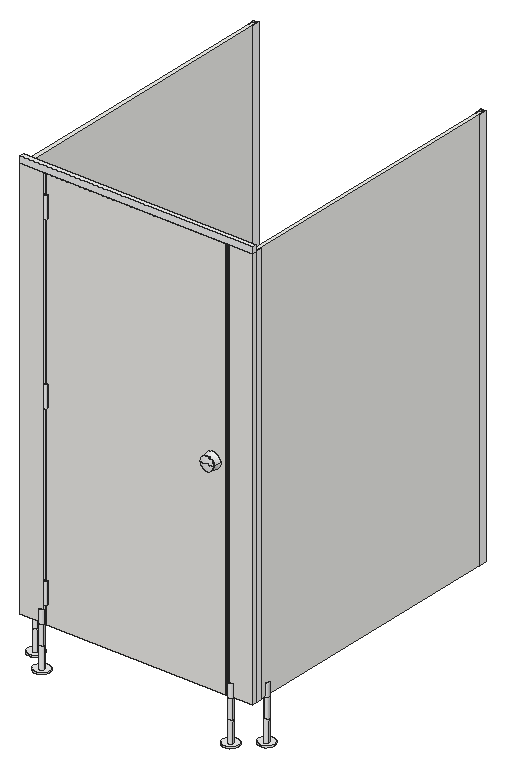
Revit family "Alsanit - Kabiny sanitarne PERSEI - LPW", category Doors, Revit 2020
Family settings
  Work Plane-Based = No
  Always vertical = Yes
  Cut with Voids When Loaded = No
  Shared = No
  Room Calculation Point = No
Parameters (values of type "18 mm")
  Średnica wspornika górnego = 57.00 mm  # constant formula
  Średnica nóżki 3 = 70.00 mm  # constant formula
  Średnica nóżki 2 = 22.00 mm  # constant formula
  Width = 0.00 mm  # constant formula
  Type Comments = "Kabiny sanitarne (ścianki giszetowe do WC)"
  Typ nóżek [instance] = and((Thickness = 18.00 mm), not([Typ - kabina bez prześwitu]))  # yes
  Typ nózek centralny [instance] = and((Thickness = 28.00 mm), not([Typ - kabina bez prześwitu]))  # no
  Thickness = Grubość ścianki  # 18.00 mm
  Szerokość drzwi (max. 1000 mm) [instance] = 800.00 mm
  Rough Width = 0.00 mm  # constant formula
  Rough Height = 0.00 mm  # constant formula
  Podcięcie na geberit - prawe [instance] = no
  Podcięcie na geberit - prawa wartość [instance] = if([Podcięcie na geberit - prawe], Szerokość wewnętrzna modułu / 2 + 50.00 mm, 5.00 mm)  # 5.00 mm
  Podcięcie na geberit - odsunięcie poziome wartość [instance] = if([Podcięcie na geberit - odsunięcie poziome] = 0.00 mm, 5.00 mm, [Podcięcie na geberit - odsunięcie poziome])  # 5.00 mm
  Podcięcie na geberit - odsunięcie poziome [instance] = 0.00 mm
  Podcięcie na geberit - odsunięcie pionowe wartość [instance] = if([Podcięcie na geberit - odsunięcie pionowe] = 0.00 mm, 5.00 mm, [Podcięcie na geberit - odsunięcie pionowe])  # 5.00 mm
  Podcięcie na geberit - odsunięcie pionowe [instance] = 0.00 mm
  Podcięcie na geberit - lewe [instance] = no
  Podcięcie na geberit - lewa wartość [instance] = if([Podcięcie na geberit - lewe], Szerokość wewnętrzna modułu / 2 + 50.00 mm, 5.00 mm)  # 5.00 mm
  Nóżka prawa centralna [instance] = and(Typ nózek centralny, Prawa strona zamknięta)  # no
  Nóżka lewa centralna [instance] = and(Typ nózek centralny, Lewa strona zamknięta)  # no
  Nóżka lewa [instance] = and(Typ nóżek, Lewa strona zamknięta)  # yes
  Średnica nóżki 1 = 20.00 mm  # constant formula
  Nózka prawa [instance] = and(Typ nóżek, Prawa strona zamknięta)  # yes
  Krótki opis = "Kabiny sanitarne ALSANIT posiadające oznaczenie CE zgodnie z parametrami systemu"
  Typ - kabina podwyższana [instance] = no
  Typ - kabina bez prześwitu [instance] = no
  Height = 0.00 mm  # constant formula
  Function = Interior
  Film Instruktażowy = "https://youtu.be/qyrI1CfgFO4"
  Define Thermal Properties by = Schematic Type
  Construction Type = "Kabiny sanitarne"
  Analytic Construction = "<None>"
  Akcesoria - wzmocnienie pionowe prawe [instance] = [Odsunięcie prawej ścianki od osi (min. 60 mm)] > 399.00 mm  # no
  Akcesoria - wzmocnienie pionowe lewe [instance] = (Szerokość wewnętrzna modułu - [Szerokość drzwi (max. 1000 mm)] - [Odsunięcie prawej ścianki od osi (min. 60 mm)]) > 400.00 mm  # no
  Wysokość ścianki łączącej [instance] = if([2030], 2000.00 mm, if(Prawa strona połączona, 2000.00 mm, [Wysokość modułu (2050 - 2600 mm)] - 10.00 mm))  # 2000.00 mm
  Szerokość zewnętrzna modułu [instance] = 1042.00 mm
  Szerokość wewnętrzna modułu [instance] = 1000.00 mm
  Szerokość obliczona [instance] = if(and(Lewa strona przy ścianie, Prawa strona przy ścianie), Szerokość wewnętrzna modułu - 2 * (Grubość ścianki + 7.00 mm), if(or(Lewa strona przy ścianie, Prawa strona przy ścianie), Szerokość wewnętrzna modułu - Grubość ścianki - 7.00 mm, Szerokość wewnętrzna modułu))  # 1000.00 mm
  Odsunięcie ścianki lewej [instance] = if([2600], 10.00 mm, 30.00 mm)  # 30.00 mm
  Odsunięcie górne ścianek frontowych [instance] = if(Belka usztywniająca wzmocniona, 20.00 mm, if([2600], 10.00 mm, 30.00 mm))  # 30.00 mm
  Wysokość szczeliny drzwi [instance] = if([0], 30.00 mm, 188.00 mm)  # 188.00 mm
  Odsunięcie profili w ściance łączącej [instance] = if([2030], 0.00 mm, if(Prawa strona połączona, 0.00 mm, 20.00 mm))  # 0.00 mm
  Wysokość modułu (2050 - 2600 mm) [instance] = 2500.00 mm
  Wysokość modułu [instance] = if([2030], 2030.00 mm, if([Wysokość modułu (2050 - 2600 mm)] < 2050.00 mm, 2050.00 mm, if([Wysokość modułu (2050 - 2600 mm)] > 2600.00 mm, 2600.00 mm, [Wysokość modułu (2050 - 2600 mm)])))  # 2030.00 mm
  Wysokość dolnej szczeliny [instance] = if([0], 1.50 mm, 188.00 mm)  # 188.00 mm
  Wysokość belek frontowych bocznych [instance] = if([0], 0.00 mm, 188.00 mm)  # 188.00 mm
  URL = "https://www.alsanit.pl/"
  Typ 2600 prawa strona zamknięta [instance] = and([2600], Prawa strona zamknięta)  # no
  Typ 2600 lewa strona zamknięta [instance] = and([2600], Lewa strona zamknięta)  # no
  Typ 188 prawa strona nie przy ścianie [instance] = and([188], not(Prawa strona przy ścianie))  # yes
  Typ 188 lewa strona zamknięta [instance] = and([188], Lewa strona zamknięta)  # yes
  Typ 00 prawa strona nie przy ścianie [instance] = and([0], not(Prawa strona przy ścianie))  # no
  Typ 00 lewa strona zamknięta [instance] = and([0], Lewa strona zamknięta)  # no
  2600 [instance] = [Typ - kabina podwyższana]  # no
  2030 [instance] = not([Typ - kabina podwyższana])  # yes
  188 [instance] = not([Typ - kabina bez prześwitu])  # yes
  0 [instance] = [Typ - kabina bez prześwitu]  # no
  Rodzaj płyt = "LPW - Laminowana płyta wiórowa"
  Prawe odsunięcie belki dolnej [instance] = if(Prawa strona przy ścianie, 30.00 mm, 0.00 mm)  # 0.00 mm
  Prawa strona niepołączona [instance] = not(Prawa strona połączona)  # yes
  Prawe odsunięcie belki wzmocnionej [instance] = if([2030], 0.00 mm, if(Prawa strona zamknięta, Prawe odsunięcie osi + Grubość ścianki / 2 + 1.50 mm, 0.00 mm))  # 0.00 mm
  Odsunięcie górne belek frontowych [instance] = if(Belka usztywniająca wzmocniona, 30.00 mm, if([2600], 30.00 mm, 0.00 mm))  # 0.00 mm
  Odsunięcie belek od dołu [instance] = if([0], 28.50 mm, 0.00 mm)  # 0.00 mm
  Lewe odsunięcie belki wzmocnionej [instance] = if([2030], 0.00 mm, if(Lewa strona zamknięta, Prawe odsunięcie osi + Grubość ścianki / 2 + 1.50 mm, 0.00 mm))  # 0.00 mm
  Model = "PERSEI"
  Manufacturer = "Alsanit"
  Lewe odsunięcie belki dolnej [instance] = if(Lewa strona przy ścianie, 30.00 mm, 0.00 mm)  # 0.00 mm
  Lewa strona niepołączona [instance] = not(Lewa strona połączona)  # yes
  Głębokość modułu (max. 1600 mm) [instance] = 1290.00 mm
  Głębokość modułu [instance] = if([Głębokość modułu (max. 1600 mm)] > 1500.00 mm, 1600.00 mm, [Głębokość modułu (max. 1600 mm)])  # 1290.00 mm
  Description = "Kabiny sanitarne to idealna kombinacja trwałości i estetyki w najnowszej cenie. Ze względu na estetyczność zastosowań jest najchętniej kupowanym systemem kabin sanitarnych w Polsce."
  Belka usztywniająca wzmocniona [instance] = and([2030], Szerokość wewnętrzna modułu > 1300.00 mm)  # no
  Belka usztywniająca [instance] = and(not(Belka usztywniająca wzmocniona), not([Typ - kabina podwyższana]))  # yes
  Autor = "www.archispace.pl"
  Orientacja - na zewnątrz [instance] = not([Orientacja - do wewnątrz])  # yes
  Orientacja - do wewnątrz [instance] = no
  Wysokość drzwi [instance] = if(Belka usztywniająca wzmocniona, 1990.00 mm, if([2600], 2015.00 mm, 2000.00 mm))  # 2000.00 mm
  Ścianka łącząca [instance] = not(Prawa strona przy ścianie)  # yes
  Szerokość drzwi [instance] = if([Szerokość drzwi (max. 1000 mm)] > 1000.00 mm, 1000.00 mm, [Szerokość drzwi (max. 1000 mm)])  # 800.00 mm
  Prawe odsunięcie osi [instance] = if(Prawa strona zamknięta, Grubość ścianki / 2 + 3.00 mm, if(Prawa strona przy ścianie, Grubość ścianki / 2 + 7.00 mm, 0.00 mm))  # 12.00 mm
  Prawa strona zamknięta typ = Rodzaj połączenia : Zamknięta
  Prawa strona zamknięta [instance] = [Połączenie - prawa strona] = Prawa strona zamknięta typ  # yes
  Prawa strona przy ścianie typ = Rodzaj połączenia : Przy ścianie
  Prawa strona przy ścianie [instance] = [Połączenie - prawa strona] = Prawa strona przy ścianie typ  # no
  Prawa strona połączona typ = Rodzaj połączenia : Połączona
  Prawa strona połączona [instance] = [Połączenie - prawa strona] = Prawa strona połączona typ  # no
  Prawe odsunięcie osi panelu [instance] = if(Prawa strona przy ścianie, 10.00 mm, 0.00 mm)  # 0.00 mm
  Odsunięcie prawej ścianki od osi (min. 60 mm) [instance] = 102.00 mm
  Połączenie - prawa strona [instance] = Rodzaj połączenia : Zamknięta
  Orientacja - odbij lustrzanie [instance] = no
  Materiał płyt = Alsanit - LPW - Biały 9016
  Materiał okuć = Alsanit - Aluminium
  Materiał wsporników = Alsanit - Aluminium
  Materiał belek = Alsanit - Aluminium
  Lewe odsunięcie osi panelu [instance] = if(Lewa strona przy ścianie, 10.00 mm, 0.00 mm)  # 0.00 mm
  Lewe odsunięcie osi [instance] = if(Lewa strona zamknięta, Grubość ścianki / 2 + 3.00 mm, if(Lewa strona przy ścianie, Grubość ścianki / 2 + 7.00 mm, 0.00 mm))  # 12.00 mm
  Lewa strona zamknięta typ = Rodzaj połączenia : Zamknięta
  Lewa strona zamknięta [instance] = [Połączenie - lewa strona] = Lewa strona zamknięta typ  # yes
  Lewa strona przy ścianie typ = Rodzaj połączenia : Przy ścianie
  Lewa strona przy ścianie [instance] = [Połączenie - lewa strona] = Lewa strona przy ścianie typ  # no
  Lewa strona połączona typ = Rodzaj połączenia : Połączona
  Lewa strona połączona [instance] = [Połączenie - lewa strona] = Lewa strona połączona typ  # no
  Odsunięcie lewej ścianki od osi (min. 60 mm) [instance] = 102.00 mm
  Połączenie - lewa strona [instance] = Rodzaj połączenia : Zamknięta
  Grubość ścianki = 18.00 mm
  Default Elevation = 0.00 mm
  Orientacja - bez odbicia [instance] = not([Orientacja - odbij lustrzanie])  # yes
Reference planes
  plane 1 "Center (Front/Back)": y = 0
  plane 2: z = 0
  plane 3 "Center (Left/Right)": x = 0
  plane 4: x = -500
  plane 5: x = 500
  plane 6: x = 509
  plane 7: x = 518
  plane 8: x = -509
  plane 9: x = -518
  plane 10: y = -1290
  plane 11: y = -1308
  plane 12: y = -10
  plane 13: y = -1284
  plane 14: y = -1299
  plane 15 "Lewa oś wstawienia": x = -521
  plane 16 "Prawa oś wstawienia": x = 521
  plane 17: y = -1224.5
  plane 18: x = 407
  plane 19: x = 400
  plane 20: x = -400
  plane 21: x = -407
  plane 22 "Prawe odsunięcie osi panelu": x = 521
  plane 23 "Lewe odsunięcie osi panelu": x = -521
  plane 24: x = 0
  plane 25: x = -423.5
  plane 26: x = 423.5
  plane 27: z = 188
  plane 28 "Wysokość modułu": z = 2030
  plane 29 "Odsunięcie górne ścianek frontowych": z = 2000
  plane 30: y = -1288.5
  plane 31: x = -521
  plane 32: x = 521
  plane 33: z = 100
  plane 34: z = 243.5
  plane 35: z = 2000
  plane 36: z = 188
  plane 37: x = -521
  plane 38: x = 521
  plane 39: z = 188
  plane 40: z = 2000
  plane 41: z = 2030
  plane 42: z = 2000
  plane 43: z = 2000
  plane 44: z = 2000
  plane 45: z = 2030
  plane 46: z = 2000
  plane 47: z = 2030
  plane 48: x = 597
  plane 49: x = -597
  plane 50: z = 2005
  plane 51: z = 2000
  plane 52: z = 2000
  plane 53: z = 2000
  plane 54: z = 2000
  plane 55: z = 2000
  plane 56: x = -606
  plane 57: x = -588
  plane 58: x = 588
  plane 59: x = 606
  plane 60: x = -5
  plane 61: x = 5
  plane 62: z = 5
  plane 63: y = -5
  plane 64: z = 5
  plane 65: y = -5
  plane 66: y = -1140
  plane 67: z = 5
  plane 68: z = 2015
Forms (mm)
  Sweep 1, solid, material "Alsanit - LPW - Biały 9016" <- "Materiał płyt", visible <- "Ścianka łącząca"
    path origin (0, 0, 0) x (1, 0, 0) y (0, 0, 1)
      loop
        line (509, 188) -> (509, 2000)
    profile origin (509, 0, 1094) x (-1, 0, 0) y (0, -1, 0)
      loop
        line (9, 10) -> (9, 1284) -> (-9, 1284) -> (-9, 10) -> (9, 10)
  Sweep 2, solid, material "Alsanit - LPW - Biały 9016" <- "Materiał płyt", visible <- "Lewa strona zamknięta"
    path origin (0, 0, 0) x (-1, 0, 0) y (0, 0, 1)
      loop
        line (509, 188) -> (509, 2000)
    profile origin (-509, 0, 1094) x (-1, 0, 0) y (0, -1, 0)
      loop
        line (-9, 10) -> (9, 10) -> (9, 1284) -> (-9, 1284) -> (-9, 10)
  Sweep 3, solid, material "Alsanit - Aluminium" <- "Materiał belek", visible <- "Ścianka łącząca", detail levels medium+fine
    path origin (0, 0, 0) x (1, 0, 0) y (0, 0, 1)
      loop
        line (509, 2000) -> (509, 188)
    profile "U-profile : U-profile" origin (509, 0, 1094) x (1, 0, 0) y (0, -1, 0)
      loop
        line (10.5, 0) -> (10.5, 30) -> (9, 30) -> (9, 1.5) -> (-9, 1.5) -> (-9, 30) -> (-10.5, 30) -> (-10.5, 0) -> (10.5, 0)
  Sweep 4, solid, material "Alsanit - Aluminium" <- "Materiał belek", visible <- "Lewa strona zamknięta", detail levels medium+fine
    path origin (0, 0, 0) x (-1, 0, 0) y (0, 0, 1)
      loop
        line (509, 2000) -> (509, 188)
    profile "U-profile : U-profile" origin (-509, 0, 1094) x (1, 0, 0) y (0, -1, 0)
      loop
        line (10.5, 0) -> (10.5, 30) -> (9, 30) -> (9, 1.5) -> (-9, 1.5) -> (-9, 30) -> (-10.5, 30) -> (-10.5, 0) -> (10.5, 0)
  Sweep 5, solid, material "Alsanit - Aluminium" <- "Materiał belek", visible <- "Lewa strona zamknięta", detail levels medium+fine
    path origin (673.537, -1290, 1200) x (1, 0, 0) y (0, 0, 1)
      loop
        line (-1182.537, 800) -> (-1182.537, -1012)
    profile "U-profile : U-profile" origin (-509, -1290, 1094) x (1, 0, 0) y (0, -1, 0)
      loop
        line (-10.5, 0) -> (-10.5, -30) -> (-9, -30) -> (-9, -1.5) -> (9, -1.5) -> (9, -30) -> (10.5, -30) -> (10.5, 0) -> (-10.5, 0)
  Sweep 6, solid, material "Alsanit - Aluminium" <- "Materiał belek", visible <- "Ścianka łącząca", detail levels medium+fine
    path origin (673.537, -1290, 1200) x (1, 0, 0) y (0, 0, 1)
      loop
        line (-164.537, 800) -> (-164.537, -1012)
    profile "U-profile : U-profile" origin (509, -1290, 1094) x (1, 0, 0) y (0, -1, 0)
      loop
        line (-10.5, 0) -> (-10.5, -30) -> (-9, -30) -> (-9, -1.5) -> (9, -1.5) -> (9, -30) -> (10.5, -30) -> (10.5, 0) -> (-10.5, 0)
  Extrusion 7, solid, material "Alsanit - LPW - Biały 9016" <- "Materiał płyt", detail levels medium+fine
    sketch origin (0, 0, 0) x (1, 0, 0) y (0, 1, 0)
      loop
        line (-521, -1290) -> (-521, -1308) -> (-407, -1308) -> (-407, -1290) -> (-521, -1290)
    from 188 to 2000
  Extrusion 8, solid, material "Alsanit - LPW - Biały 9016" <- "Materiał płyt", detail levels medium+fine
    sketch origin (0, 0, 0) x (-1, 0, 0) y (0, -1, 0)
      loop
        line (-521, 1290) -> (-407, 1290) -> (-407, 1308) -> (-521, 1308) -> (-521, 1290)
    from 188 to 2000
  Sweep 9, solid, material "Alsanit - Aluminium" <- "Materiał belek", visible <- "Lewa strona przy ścianie", detail levels medium+fine
    path origin (-771.956, -1299, 1200) x (-1, 0, 0) y (0, 0, 1)
      loop
        line (-250.956, -1012) -> (-250.956, 830)
    profile "U-profile : U-profile" origin (-521, -1299, 1109) x (1, 0, 0) y (0, 1, 0)
      loop
        line (0, -10.5) -> (30, -10.5) -> (30, -9) -> (1.5, -9) -> (1.5, 9) -> (30, 9) -> (30, 10.5) -> (0, 10.5) -> (0, -10.5)
  Sweep 10, solid, material "Alsanit - Aluminium" <- "Materiał belek", visible <- "Prawa strona przy ścianie", detail levels medium+fine
    path origin (771.956, -1299, 1200) x (1, 0, 0) y (0, 0, -1)
      loop
        line (-250.956, 1012) -> (-250.956, -830)
    profile "U-profile : U-profile" origin (521, -1299, 1109) x (1, 0, 0) y (0, 1, 0)
      loop
        line (0, 10.5) -> (-30, 10.5) -> (-30, 9) -> (-1.5, 9) -> (-1.5, -9) -> (-30, -9) -> (-30, -10.5) -> (0, -10.5) -> (0, 10.5)
  Sweep 11, solid, material "Alsanit - Aluminium" <- "Materiał belek", visible <- "Belka usztywniająca", detail levels medium+fine
    path origin (673.537, -1290, 1200) x (1, 0, 0) y (0, 0, 1)
      loop
        line (-1194.537, 830) -> (-152.537, 830)
    profile origin (0, -1290, 2030) x (0, 0, 1) y (0, -1, 0)
      loop
        line (0, 18) -> (-30, 18) -> (-30, 0) -> (0, 0) -> (0, 18)
  Extrusion 12, solid, material "Alsanit - LPW - Biały 9016" <- "Materiał płyt", detail levels coarse
    sketch origin (0, 0, 0) x (1, 0, 0) y (0, 1, 0)
      loop
        line (-521, -1290) -> (-521, -1308) -> (521, -1308) -> (521, -1290) -> (-521, -1290)
    from 188 to 2030
  Sweep 13, solid, material "Alsanit - Aluminium" <- "Materiał belek", visible <- "Typ 2600 lewa strona zamknięta", detail levels medium+fine
    path origin (-998.294, -1524, 2030) x (-1, 0, 0) y (0, -1, 0)
      loop
        line (-489.294, -1524) -> (-489.294, -235.5)
    profile "U-profile : U-profile" origin (-509, -644.25, 2030) x (1, 0, 0) y (0, 0, 1)
      loop
        line (-10.5, 0) -> (-10.5, -30) -> (-9, -30) -> (-9, -1.5) -> (9, -1.5) -> (9, -30) -> (10.5, -30) -> (10.5, 0) -> (-10.5, 0)
  Sweep 14, solid, material "Alsanit - Aluminium" <- "Materiał belek", visible <- "Typ 2600 prawa strona zamknięta", detail levels medium+fine
    path origin (-998.294, -1524, 2030) x (-1, 0, 0) y (0, -1, 0)
      loop
        line (-1507.294, -1524) -> (-1507.294, -235.5)
    profile "U-profile : U-profile" origin (509, -644.25, 2030) x (1, 0, 0) y (0, 0, 1)
      loop
        line (-10.5, 0) -> (-10.5, -30) -> (-9, -30) -> (-9, -1.5) -> (9, -1.5) -> (9, -30) -> (10.5, -30) -> (10.5, 0) -> (-10.5, 0)
  Sweep 15, solid, material "Alsanit - Aluminium" <- "Materiał belek", not visible, detail levels medium+fine
    path origin (-771.956, -1299, 4200) x (-1, 0, 0) y (0, 0, 1)
      loop
        line (-250.956, -2170) -> (-1292.956, -2170)
    profile "U-profile : U-profile" origin (0, -1299, 2030) x (0, 0, -1) y (0, 1, 0)
      loop
        line (0, -10.5) -> (30, -10.5) -> (30, -9) -> (1.5, -9) -> (1.5, 9) -> (30, 9) -> (30, 10.5) -> (0, 10.5) -> (0, -10.5)
  Sweep 16, solid, material "Alsanit - Aluminium" <- "Materiał belek", visible <- "2600", detail levels medium+fine
    path origin (-771.956, -1299, 1200) x (-1, 0, 0) y (0, 0, 1)
      loop
        line (-250.956, 830) -> (-1292.956, 830)
    profile "U-profile : U-profile" origin (0, -1299, 2030) x (0, 0, -1) y (0, 1, 0)
      loop
        line (0, -10.5) -> (30, -10.5) -> (30, -9) -> (1.5, -9) -> (1.5, 9) -> (30, 9) -> (30, 10.5) -> (0, 10.5) -> (0, -10.5)
  Sweep 17, solid, material "Alsanit - Aluminium" <- "Materiał wsporników", visible <- "Nózka prawa"
    path origin (516, -1224.5, 1200) x (1, 0, 0) y (0, 0, 1)
      loop
        line (-516, -1200) -> (-516, -1100)
    profile origin (0, -1224.5, 50) x (-1, 0, 0) y (0, -1, 0)
      loop
        circle (-518, 0) r 11
  Sweep 18, solid, material "Alsanit - Aluminium" <- "Materiał wsporników", visible <- "Nóżka lewa"
    path origin (362, -1224.5, 1200) x (1, 0, 0) y (0, 0, 1)
      loop
        line (-367, -1200) -> (-367, -1100)
    profile origin (-5, -1224.5, 50) x (-1, 0, 0) y (0, -1, 0)
      loop
        circle (513, 0) r 11
  Sweep 19, solid, material "Alsanit - Aluminium" <- "Materiał wsporników", visible <- "Nózka prawa"
    path origin (516, -1224.5, 1200) x (1, 0, 0) y (0, 0, 1)
      loop
        line (-516, -956.5) -> (-516, -1012)
    profile origin (0, -1224.5, 215.75) x (0, -1, 0) y (1, 0, 0)
      loop
        line (-10, 518) -> (10, 518)
        arc (10, 518) -> (0, 528) -> (-10, 518) r 10
  Sweep 20, solid, material "Alsanit - Aluminium" <- "Materiał wsporników", visible <- "Nóżka lewa"
    path origin (362, -1224.5, 1200) x (1, 0, 0) y (0, 0, 1)
      loop
        line (-367, -1012) -> (-367, -956.5)
    profile origin (-5, -1224.5, 215.75) x (-1, 0, 0) y (0, -1, 0)
      loop
        line (513, 10) -> (513, -10)
        arc (513, -10) -> (523, 0) -> (513, 10) r 10
  Sweep 21, solid, material "Alsanit - Aluminium" <- "Materiał wsporników", visible <- "Nózka prawa"
    path origin (516, -1224.5, 1200) x (1, 0, 0) y (0, 0, 1)
      loop
        line (-516, -1012) -> (-516, -1100)
    profile origin (0, -1224.5, 144) x (0, -1, 0) y (1, 0, 0)
      loop
        circle (0, 518) r 10
  Sweep 22, solid, material "Alsanit - Aluminium" <- "Materiał wsporników", visible <- "Nóżka lewa"
    path origin (362, -1224.5, 1200) x (1, 0, 0) y (0, 0, 1)
      loop
        line (-367, -1100) -> (-367, -1012)
    profile origin (-5, -1224.5, 144) x (-1, 0, 0) y (0, -1, 0)
      loop
        circle (513, 0) r 10
  Sweep 23, solid, material "Alsanit - Aluminium" <- "Materiał wsporników", visible <- "Typ nóżek"
    path origin (-817.898, -1308, 1200) x (-1, 0, 0) y (0, 0, 1)
      loop
        line (-394.398, -1200) -> (-394.398, -1100)
    profile origin (-423.5, -1308, 50) x (1, 0, 0) y (0, 1, 0)
      loop
        circle (0, 0) r 11
  Sweep 24, solid, material "Alsanit - Aluminium" <- "Materiał wsporników", visible <- "Typ nóżek"
    path origin (-817.898, -1308, 1200) x (-1, 0, 0) y (0, 0, 1)
      loop
        line (-394.398, -1012) -> (-394.398, -956.5)
    profile origin (-423.5, -1308, 215.75) x (1, 0, 0) y (0, 1, 0)
      loop
        line (10, 0) -> (-10, 0)
        arc (-10, 0) -> (0, -10) -> (10, 0) r 10
  Sweep 25, solid, material "Alsanit - Aluminium" <- "Materiał wsporników", visible <- "Typ nóżek"
    path origin (-817.898, -1308, 1200) x (-1, 0, 0) y (0, 0, 1)
      loop
        line (-394.398, -1100) -> (-394.398, -1012)
    profile origin (-423.5, -1308, 144) x (1, 0, 0) y (0, 1, 0)
      loop
        circle (0, 0) r 10
  Sweep 26, solid, material "Alsanit - Aluminium" <- "Materiał wsporników", visible <- "Typ nóżek"
    path origin (-817.898, -1308, 1200) x (-1, 0, 0) y (0, 0, 1)
      loop
        line (-1241.398, -1200) -> (-1241.398, -1100)
    profile origin (423.5, -1308, 50) x (1, 0, 0) y (0, 1, 0)
      loop
        circle (0, 0) r 11
  Sweep 27, solid, material "Alsanit - Aluminium" <- "Materiał wsporników", visible <- "Typ nóżek"
    path origin (-817.898, -1308, 1200) x (-1, 0, 0) y (0, 0, 1)
      loop
        line (-1241.398, -1012) -> (-1241.398, -956.5)
    profile origin (423.5, -1308, 215.75) x (1, 0, 0) y (0, 1, 0)
      loop
        arc (-10, 0) -> (0, -10) -> (10, 0) r 10
        line (10, 0) -> (-10, 0)
  Sweep 28, solid, material "Alsanit - Aluminium" <- "Materiał wsporników", visible <- "Typ nóżek"
    path origin (-817.898, -1308, 1200) x (-1, 0, 0) y (0, 0, 1)
      loop
        line (-1241.398, -1100) -> (-1241.398, -1012)
    profile origin (423.5, -1308, 144) x (1, 0, 0) y (0, 1, 0)
      loop
        circle (0, 0) r 10
  Sweep 29, solid, material "Alsanit - Aluminium" <- "Materiał belek", visible <- "Typ 00 lewa strona zamknięta"
    path origin (0, 0, 0) x (1, 0, 0) y (0, 1, 0)
      loop
        line (-509, 0) -> (-509, -1290)
    profile "U-profile : U-profile" origin (-509, -645, 0) x (1, 0, 0) y (0, 0, 1)
      loop
        line (10.5, 0) -> (10.5, 30) -> (9, 30) -> (9, 1.5) -> (-9, 1.5) -> (-9, 30) -> (-10.5, 30) -> (-10.5, 0) -> (10.5, 0)
  Sweep 30, solid, material "Alsanit - Aluminium" <- "Materiał belek", visible <- "Typ 00 prawa strona nie przy ścianie"
    path origin (0, 0, 0) x (-1, 0, 0) y (0, -1, 0)
      loop
        line (-509, 0) -> (-509, 1290)
    profile "U-profile : U-profile" origin (509, -645, 0) x (1, 0, 0) y (0, 0, 1)
      loop
        line (-10.5, 0) -> (10.5, 0) -> (10.5, 30) -> (9, 30) -> (9, 1.5) -> (-9, 1.5) -> (-9, 30) -> (-10.5, 30) -> (-10.5, 0)
  Sweep 31, solid, material "Alsanit - Aluminium" <- "Materiał belek", visible <- "0"
    path origin (0, 0, 0) x (1, 0, 0) y (0, 1, 0)
      loop
        line (-521, -1299) -> (-407, -1299)
    profile "U-profile : U-profile" origin (-464, -1299, 0) x (0, 1, 0) y (0, 0, 1)
      loop
        line (10.5, 0) -> (10.5, 30) -> (9, 30) -> (9, 1.5) -> (-9, 1.5) -> (-9, 30) -> (-10.5, 30) -> (-10.5, 0) -> (10.5, 0)
  Sweep 32, solid, material "Alsanit - Aluminium" <- "Materiał belek", visible <- "0"
    path origin (0, 0, 0) x (-1, 0, 0) y (0, -1, 0)
      loop
        line (-521, 1299) -> (-407, 1299)
    profile "U-profile : U-profile" origin (464, -1299, 0) x (0, -1, 0) y (0, 0, 1)
      loop
        line (-10.5, 0) -> (10.5, 0) -> (10.5, 30) -> (9, 30) -> (9, 1.5) -> (-9, 1.5) -> (-9, 30) -> (-10.5, 30) -> (-10.5, 0)
  Sweep 33, solid, material "Alsanit - LPW - Biały 9016" <- "Materiał płyt", visible <- "Akcesoria - wzmocnienie pionowe prawe", detail levels medium+fine
    path origin (-771.956, -1299, 1200) x (-1, 0, 0) y (0, 0, 1)
      loop
        line (-1368.956, -1012) -> (-1368.956, 800)
    profile origin (597, -1299, 1094) x (1, 0, 0) y (0, 1, 0)
      loop
        line (-9, 15) -> (9, 15) -> (9, 110) -> (-9, 110) -> (-9, 15)
  Sweep 34, solid, material "Alsanit - Aluminium" <- "Materiał belek", visible <- "Akcesoria - wzmocnienie pionowe prawe", detail levels medium+fine
    path origin (673.537, -1290, 1200) x (1, 0, 0) y (0, 0, 1)
      loop
        line (-76.537, -1012) -> (-76.537, 800)
    profile "U-profile : U-profile" origin (597, -1290, 1094) x (-1, 0, 0) y (0, -1, 0)
      loop
        line (-10.5, 0) -> (-10.5, -30) -> (-9, -30) -> (-9, -1.5) -> (9, -1.5) -> (9, -30) -> (10.5, -30) -> (10.5, 0) -> (-10.5, 0)
  Sweep 35, solid, material "Alsanit - LPW - Biały 9016" <- "Materiał płyt", visible <- "Akcesoria - wzmocnienie pionowe lewe", detail levels medium+fine
    path origin (1162.956, -1299, 1200) x (1, 0, 0) y (0, 0, -1)
      loop
        line (-1759.956, 1012) -> (-1759.956, -800)
    profile origin (-597, -1299, 1094) x (1, 0, 0) y (0, 1, 0)
      loop
        line (9, 15) -> (9, 110) -> (-9, 110) -> (-9, 15) -> (9, 15)
  Sweep 36, solid, material "Alsanit - Aluminium" <- "Materiał belek", visible <- "Akcesoria - wzmocnienie pionowe lewe", detail levels medium+fine
    path origin (673.537, -1290, 1200) x (1, 0, 0) y (0, 0, 1)
      loop
        line (-1270.537, -1012) -> (-1270.537, 800)
    profile "U-profile : U-profile" origin (-597, -1290, 1094) x (-1, 0, 0) y (0, -1, 0)
      loop
        line (10.5, 0) -> (-10.5, 0) -> (-10.5, -30) -> (-9, -30) -> (-9, -1.5) -> (9, -1.5) -> (9, -30) -> (10.5, -30) -> (10.5, 0)
  Sweep 37, solid, material "Alsanit - Aluminium" <- "Materiał belek", visible <- "Belka usztywniająca wzmocniona"
    path origin (0, -160, 0) x (1, 0, 0) y (0, 1, 0)
      loop
        line (-521, -1139) -> (521, -1139)
    profile origin (0, -1299, 0) x (0, 1, 0) y (0, 0, 1)
      loop
        line (-9, 2000) -> (-9, 2010.006) -> (9, 2010.006) -> (9, 2000) -> (14.963, 2000)
        arc (14.963, 2000) -> (16.541, 2000.771) -> (16.903, 2002.49) r 2
        arc (16.903, 2002.49) -> (18.764, 2017.037) -> (16.301, 2031.495) r 49.722
        arc (16.301, 2031.495) -> (15.681, 2031.874) -> (14.965, 2032.006) r 2
        line (14.965, 2032.006) -> (14.002, 2032.006) -> (14.002, 2030.606) -> (15.303, 2030.606)
        arc (15.303, 2030.606) -> (17.251, 2021.408) -> (17.387, 2012.006) r 48.5
        line (17.387, 2012.006) -> (-19.028, 2012.006) -> (-19.028, 2032.006) -> (-31.863, 2032.006)
        arc (-31.863, 2032.006) -> (-33.103, 2031.576) -> (-33.809, 2030.47) r 2
        arc (-33.809, 2030.47) -> (-35.944, 2016.003) -> (-33.807, 2001.537) r 50.053
        arc (-33.807, 2001.537) -> (-33.101, 2000.431) -> (-31.861, 2000) r 2
        line (-31.861, 2000) -> (-9, 2000)
  Sweep 38, solid, material "Alsanit - Aluminium" <- "Materiał belek", visible <- "Orientacja - na zewnątrz", detail levels medium+fine
    path origin (-771.956, -1299, 1200) x (-1, 0, 0) y (0, 0, 1)
      loop
        line (-364.956, 800) -> (-364.956, -1012)
    profile "LPW profile : LPW profile" origin (-407, -1299, 1094) x (-1, 0, 0) y (0, 1, 0)
      loop
        line (0, 9) -> (19, 9) -> (19, 10.5) -> (-0.7, 10.5) -> (-0.7, 15) -> (-19.7, 15) -> (-19.7, 10.5) -> (-11.2, 10.5) -> (-11.2, 13.7) -> (-2, 13.7) -> (-2, -10.5) -> (8, -10.5) -> (8, -9) -> (0, -9) -> (0, 9)
  Sweep 39, solid, material "Alsanit - Aluminium" <- "Materiał belek", visible <- "Orientacja - na zewnątrz", detail levels medium+fine
    path origin (-771.956, -1299, 1200) x (-1, 0, 0) y (0, 0, 1)
      loop
        line (-1178.956, 800) -> (-1178.956, -1012)
    profile "LPW profile : LPW profile" origin (407, -1299, 1094) x (-1, 0, 0) y (0, 1, 0)
      loop
        line (0, 9) -> (0, -9) -> (-8, -9) -> (-8, -10.5) -> (2, -10.5) -> (2, 13.7) -> (11.2, 13.7) -> (11.2, 10.5) -> (19.7, 10.5) -> (19.7, 15) -> (0.7, 15) -> (0.7, 10.5) -> (-19, 10.5) -> (-19, 9) -> (0, 9)
  Sweep 40, solid, material "Alsanit - Aluminium" <- "Materiał belek", visible <- "Orientacja - do wewnątrz", detail levels medium+fine
    path origin (-771.956, -1299, 1200) x (-1, 0, 0) y (0, 0, 1)
      loop
        line (-364.956, 800) -> (-364.956, -1012)
    profile "LPW profile : LPW profile" origin (-407, -1299, 1094) x (-1, 0, 0) y (0, 1, 0)
      loop
        line (0, -9) -> (0, 9) -> (8, 9) -> (8, 10.5) -> (-2, 10.5) -> (-2, -13.7) -> (-11.2, -13.7) -> (-11.2, -10.5) -> (-19.7, -10.5) -> (-19.7, -15) -> (-0.7, -15) -> (-0.7, -10.5) -> (19, -10.5) -> (19, -9) -> (0, -9)
  Sweep 41, solid, material "Alsanit - Aluminium" <- "Materiał belek", visible <- "Orientacja - do wewnątrz", detail levels medium+fine
    path origin (-771.956, -1299, 1200) x (-1, 0, 0) y (0, 0, 1)
      loop
        line (-1178.956, 800) -> (-1178.956, -1012)
    profile "LPW profile : LPW profile" origin (407, -1299, 1094) x (-1, 0, 0) y (0, 1, 0)
      loop
        line (0, -9) -> (-19, -9) -> (-19, -10.5) -> (0.7, -10.5) -> (0.7, -15) -> (19.7, -15) -> (19.7, -10.5) -> (11.2, -10.5) -> (11.2, -13.7) -> (2, -13.7) -> (2, 10.5) -> (-8, 10.5) -> (-8, 9) -> (0, 9) -> (0, -9)
  Sweep 42, solid, material "Alsanit - LPW - Biały 9016" <- "Materiał płyt", visible <- "2600", detail levels medium+fine
    path origin (0, 0, 0) x (1, 0, 0) y (0, 1, 0)
      loop
        line (-400, -1299) -> (400, -1299)
    profile origin (0, -1299, 0) x (0, 1, 0) y (0, 0, 1)
      loop
        line (9, 2000) -> (9, 2005) -> (-9, 2005) -> (-9, 2000) -> (9, 2000)
  Extrusion 43, solid, material "Alsanit - Aluminium" <- "Materiał wsporników", visible <- "Akcesoria - wzmocnienie pionowe lewe"
    sketch origin (-83, 0, 0) x (1, 0, 0) y (0, 1, 0)
      loop
        circle (-514, -1224.5) r 7.5
    from 0 to 188
  Extrusion 44, solid, material "Alsanit - Aluminium" <- "Materiał wsporników", visible <- "Akcesoria - wzmocnienie pionowe prawe"
    sketch origin (1111, 0, 0) x (1, 0, 0) y (0, 1, 0)
      loop
        circle (-514, -1224.5) r 7.5
    from 0 to 188
  Sweep 45, void
    path origin (0, 0, 0) x (1, 0, 0) y (0, 1, 0)
      loop
        line (0, 0) -> (-5, 0)
    profile origin (-2.5, 0, 0) x (0, -1, 0) y (0, 0, 1)
      loop
        line (0, 5) -> (0, 0) -> (5, 0) -> (5, 5) -> (0, 5)
  Sweep 46, void
    path origin (0, 0, 0) x (-1, 0, 0) y (0, -1, 0)
      loop
        line (0, 0) -> (-5, 0)
    profile origin (2.5, 0, 0) x (0, 1, 0) y (0, 0, 1)
      loop
        line (0, 5) -> (-5, 5) -> (-5, 0) -> (0, 0) -> (0, 5)
  Sweep 47, solid, material "Alsanit - Aluminium" <- "Materiał wsporników", visible <- "Nóżka lewa centralna"
    path origin (-771.956, -1299, 1200) x (-1, 0, 0) y (0, 0, 1)
      loop
        line (-262.956, -1012) -> (-262.956, -1100)
    profile origin (-509, -1299, 144) x (0, 1, 0) y (-1, 0, 0)
      loop
        circle (74.5, 0) r 10
  Sweep 48, solid, material "Alsanit - Aluminium" <- "Materiał wsporników", visible <- "Typ nózek centralny"
    path origin (-771.956, -1299, 1200) x (-1, 0, 0) y (0, 0, 1)
      loop
        line (-348.456, -1100) -> (-348.456, -1012)
    profile origin (-423.5, -1299, 144) x (1, 0, 0) y (0, 1, 0)
      loop
        circle (0, 0) r 10
  Sweep 49, solid, material "Alsanit - Aluminium" <- "Materiał wsporników", visible <- "Typ nózek centralny"
    path origin (-771.956, -1299, 1200) x (-1, 0, 0) y (0, 0, 1)
      loop
        line (-1195.456, -1100) -> (-1195.456, -1012)
    profile origin (423.5, -1299, 144) x (1, 0, 0) y (0, 1, 0)
      loop
        circle (0, 0) r 10
  Sweep 50, solid, material "Alsanit - Aluminium" <- "Materiał wsporników", visible <- "Nóżka prawa centralna"
    path origin (-771.956, -1299, 1200) x (-1, 0, 0) y (0, 0, 1)
      loop
        line (-1280.956, -1100) -> (-1280.956, -1012)
    profile origin (509, -1299, 144) x (1, 0, 0) y (0, 1, 0)
      loop
        circle (0, 74.5) r 10
  Sweep 51, solid, material "Alsanit - Aluminium" <- "Materiał wsporników", visible <- "Nóżka lewa centralna"
    path origin (-771.956, -1299, 1200) x (-1, 0, 0) y (0, 0, 1)
      loop
        line (-262.956, -1100) -> (-262.956, -1195)
    profile origin (-509, -1299, 52.5) x (0, 1, 0) y (-1, 0, 0)
      loop
        circle (74.5, 0) r 11
  Sweep 52, solid, material "Alsanit - Aluminium" <- "Materiał wsporników", visible <- "Typ nózek centralny"
    path origin (-771.956, -1299, 1200) x (-1, 0, 0) y (0, 0, 1)
      loop
        line (-348.456, -1195) -> (-348.456, -1100)
    profile origin (-423.5, -1299, 52.5) x (1, 0, 0) y (0, 1, 0)
      loop
        circle (0, 0) r 11
  Sweep 53, solid, material "Alsanit - Aluminium" <- "Materiał wsporników", visible <- "Typ nózek centralny"
    path origin (-771.956, -1299, 1200) x (-1, 0, 0) y (0, 0, 1)
      loop
        line (-1195.456, -1195) -> (-1195.456, -1100)
    profile origin (423.5, -1299, 52.5) x (1, 0, 0) y (0, 1, 0)
      loop
        circle (0, 0) r 11
  Sweep 54, solid, material "Alsanit - Aluminium" <- "Materiał wsporników", visible <- "Nóżka prawa centralna"
    path origin (-771.956, -1299, 1200) x (-1, 0, 0) y (0, 0, 1)
      loop
        line (-1280.956, -1195) -> (-1280.956, -1100)
    profile origin (509, -1299, 52.5) x (1, 0, 0) y (0, 1, 0)
      loop
        circle (0, 74.5) r 11
  Sweep 55, solid, material "Alsanit - Aluminium" <- "Materiał wsporników", visible <- "Nóżka lewa centralna"
    path origin (-771.956, -1299, 1200) x (-1, 0, 0) y (0, 0, 1)
      loop
        line (-262.956, -1200) -> (-262.956, -1195)
    profile origin (-509, -1299, 2.5) x (1, 0, 0) y (0, 1, 0)
      loop
        circle (0, 74.5) r 35
  Sweep 56, solid, material "Alsanit - Aluminium" <- "Materiał wsporników", visible <- "Typ nózek centralny"
    path origin (-771.956, -1299, 1200) x (-1, 0, 0) y (0, 0, 1)
      loop
        line (-348.456, -1200) -> (-348.456, -1195)
    profile origin (-423.5, -1299, 2.5) x (1, 0, 0) y (0, 1, 0)
      loop
        circle (0, 0) r 35
  Sweep 57, solid, material "Alsanit - Aluminium" <- "Materiał wsporników", visible <- "Typ nózek centralny"
    path origin (-771.956, -1299, 1200) x (-1, 0, 0) y (0, 0, 1)
      loop
        line (-1195.456, -1200) -> (-1195.456, -1195)
    profile origin (423.5, -1299, 2.5) x (1, 0, 0) y (0, 1, 0)
      loop
        circle (0, 0) r 35
  Sweep 58, solid, material "Alsanit - Aluminium" <- "Materiał wsporników", visible <- "Nóżka prawa centralna"
    path origin (-771.956, -1299, 1200) x (-1, 0, 0) y (0, 0, 1)
      loop
        line (-1280.956, -1200) -> (-1280.956, -1195)
    profile origin (509, -1299, 2.5) x (1, 0, 0) y (0, 1, 0)
      loop
        circle (0, 74.5) r 35
  Sweep 59, solid, material "Alsanit - Aluminium" <- "Materiał wsporników", visible <- "Nóżka lewa"
    path origin (-771.956, -1299, 1200) x (-1, 0, 0) y (0, 0, 1)
      loop
        line (-253.956, -1200) -> (-253.956, -1195)
    profile origin (-518, -1299, 2.5) x (1, 0, 0) y (0, 1, 0)
      loop
        circle (0, 74.5) r 35
  Sweep 60, solid, material "Alsanit - Aluminium" <- "Materiał wsporników", visible <- "Typ nóżek"
    path origin (-771.956, -1299, 1200) x (-1, 0, 0) y (0, 0, 1)
      loop
        line (-348.456, -1200) -> (-348.456, -1195)
    profile origin (-423.5, -1299, 2.5) x (1, 0, 0) y (0, 1, 0)
      loop
        circle (0, -9) r 35
  Sweep 61, solid, material "Alsanit - Aluminium" <- "Materiał wsporników", visible <- "Typ nóżek"
    path origin (-771.956, -1299, 1200) x (-1, 0, 0) y (0, 0, 1)
      loop
        line (-1195.456, -1200) -> (-1195.456, -1195)
    profile origin (423.5, -1299, 2.5) x (1, 0, 0) y (0, 1, 0)
      loop
        circle (0, -9) r 35
  Sweep 62, solid, material "Alsanit - Aluminium" <- "Materiał wsporników", visible <- "Nózka prawa"
    path origin (-771.956, -1299, 1200) x (-1, 0, 0) y (0, 0, 1)
      loop
        line (-1289.956, -1200) -> (-1289.956, -1195)
    profile origin (518, -1299, 2.5) x (1, 0, 0) y (0, 1, 0)
      loop
        circle (0, 74.5) r 35
Cuts and joins
  joined: Sweep 23, Sweep 24, Sweep 25, Sweep 60
  Sweep 45 cuts Sweep 4
  Sweep 45 cuts Sweep 2
  Sweep 45 cuts Sweep 29
  Sweep 46 cuts Sweep 1
  Sweep 46 cuts Sweep 3
  Sweep 46 cuts Sweep 30
  joined: Sweep 47, Sweep 51, Sweep 55
  joined: Sweep 48, Sweep 52, Sweep 56
  joined: Sweep 49, Sweep 53, Sweep 57
  joined: Sweep 50, Sweep 54, Sweep 58
  joined: Sweep 17, Sweep 19, Sweep 21, Sweep 62
  joined: Sweep 26, Sweep 27, Sweep 28, Sweep 61
  joined: Sweep 18, Sweep 20, Sweep 22, Sweep 59
Lines and regions (mm)
  model lines, style "Doors", detail levels medium+fine
    curve 1: line (407, -1308, 2000) -> (407, -1308, 188)
    curve 3: line (521, -1308, 2000) -> (407, -1308, 2000)
    curve 6: line (-407, -1308, 188) -> (-407, -1308, 2000)
    curve 7: line (-407, -1308, 2000) -> (-521, -1308, 2000)
    curve 10: line (-407, -1290, 188) -> (-407, -1308, 188)
    curve 11: line (407, -1290, 188) -> (407, -1308, 188)
    curve 14: line (-407, -1290, 2000) -> (-407, -1308, 2000)
    curve 15: line (407, -1290, 2000) -> (407, -1308, 2000)
    curve 17: line (407, -1290, 2000) -> (407, -1290, 188)
    curve 19: line (521, -1290, 2000) -> (407, -1290, 2000)
    curve 20: line (407, -1290, 188) -> (521, -1290, 188)
    curve 22: line (-407, -1290, 188) -> (-407, -1290, 2000)
    curve 23: line (-407, -1290, 2000) -> (-521, -1290, 2000)
    curve 24: line (-521, -1290, 188) -> (-407, -1290, 188)
  model lines, style "Doors", visible <- "Prawa strona niepołączona", detail levels medium+fine
    curve 2: line (521, -1308, 188) -> (521, -1308, 2000)
    curve 12: line (521, -1290, 188) -> (521, -1308, 188)
    curve 16: line (521, -1290, 2000) -> (521, -1308, 2000)
    curve 18: line (521, -1290, 188) -> (521, -1290, 2000)
  model lines, style "Doors"
    curve 4: line (407, -1308, 188) -> (521, -1308, 188)
    curve 8: line (-521, -1308, 188) -> (-407, -1308, 188)
  model lines, style "Doors", visible <- "Lewa strona niepołączona", detail levels medium+fine
    curve 5: line (-521, -1308, 2000) -> (-521, -1308, 188)
    curve 9: line (-521, -1290, 188) -> (-521, -1308, 188)
    curve 13: line (-521, -1290, 2000) -> (-521, -1308, 2000)
    curve 21: line (-521, -1290, 2000) -> (-521, -1290, 188)
Dimensions and locks
  equal spacing: plane 5, plane 6, plane 7
  "Grubość ścianki": plane 5 to plane 7
  equal spacing: plane 9, plane 8, plane 4
  "Grubość ścianki": plane 9 to plane 4
  "Głębokość modułu": plane 10 to plane 1 "Center (Front/Back)"
  "Grubość ścianki": plane 11 to plane 10
  locked: plane 12 to plane 1 "Center (Front/Back)" at 10
  locked: plane 10 to plane 13 at 6
  equal spacing: plane 10, plane 14, plane 11
  equal spacing: plane 4, plane 3 "Center (Left/Right)", plane 5
  "Szerokość obliczona": plane 4 to plane 5
  "Lewe odsunięcie osi": plane 15 "Lewa oś wstawienia" to plane 8
  "Prawe odsunięcie osi": plane 6 to plane 16 "Prawa oś wstawienia"
  locked: plane 10 to plane 17 at 65.5
  locked: plane 19 to plane 18 at 7
  locked: plane 21 to plane 20 at 7
  "Szerokość drzwi": plane 20 to plane 19
  equal spacing: plane 20, plane 24, plane 19
  locked: plane 25 to plane 20 at 23.5
  locked: plane 19 to plane 26 at 23.5
  "Odsunięcie prawej ścianki od osi (min. 60 mm)": plane 18 to plane 6
  "Odsunięcie lewej ścianki od osi (min. 60 mm)": plane 8 to plane 21
  "Wysokość modułu": plane 28 "Wysokość modułu" to plane 2
  locked: plane 10 to plane 30 at 1.5
  "Wysokość dolnej szczeliny": plane 27 to level
  locked: plane 33 to plane 2 at 100
  "Lewe odsunięcie belki wzmocnionej": plane 15 "Lewa oś wstawienia" to plane 31
  "Prawe odsunięcie belki wzmocnionej": plane 32 to plane 16 "Prawa oś wstawienia"
  locked: plane 34 to plane 27 at 55.5
  locked: plane 28 "Wysokość modułu" to plane 35 at 30
  "Lewe odsunięcie osi panelu": plane 15 "Lewa oś wstawienia" to plane 23 "Lewe odsunięcie osi panelu"
  "Prawe odsunięcie osi panelu": plane 22 "Prawe odsunięcie osi panelu" to plane 16 "Prawa oś wstawienia"
  "Odsunięcie belek od dołu": plane 36 to plane 27
  "Lewe odsunięcie belki dolnej": plane 15 "Lewa oś wstawienia" to plane 37
  "Prawe odsunięcie belki dolnej": plane 38 to plane 16 "Prawa oś wstawienia"
  "Wysokość belek frontowych bocznych": plane 39 to plane 2
  "Wysokość ścianki łączącej": plane 40 to level
  "Odsunięcie górne belek frontowych": plane 28 "Wysokość modułu" to plane 41
  "Odsunięcie ścianki lewej": plane 28 "Wysokość modułu" to plane 42
  "Odsunięcie górne ścianek frontowych": plane 28 "Wysokość modułu" to plane 29 "Odsunięcie górne ścianek frontowych"
  "Odsunięcie profili w ściance łączącej": plane 40 to plane 43
  "Odsunięcie profili w ściance łączącej": plane 40 to plane 44
  "Odsunięcie górne belek frontowych": plane 28 "Wysokość modułu" to plane 45
  locked: plane 46 to level at 2000
  locked: plane 47 to plane 46 at 30
  "Szerokość zewnętrzna modułu": plane 15 "Lewa oś wstawienia" to plane 16 "Prawa oś wstawienia"
  locked: plane 18 to plane 48 at 190
  locked: plane 49 to plane 21 at 190
  plane 20 to plane 21 = 7.00 mm
  "Wysokość drzwi": plane 51 to level
  locked: plane 50 to plane 51 at 5
  locked: plane 52 to plane 2 at 2000
  locked: plane 54 to level at 2000
  locked: plane 55 to level at 2000
  equal spacing: plane 56, plane 49, plane 57
  "Grubość ścianki": plane 56 to plane 57
  equal spacing: plane 58, plane 48, plane 59
  "Grubość ścianki": plane 58 to plane 59
  "Podcięcie na geberit - lewa wartość": plane 60 to plane 3 "Center (Left/Right)"
  "Podcięcie na geberit - prawa wartość": plane 3 "Center (Left/Right)" to plane 61
  "Podcięcie na geberit - odsunięcie poziome wartość": plane 1 "Center (Front/Back)" to plane 63
  "Podcięcie na geberit - odsunięcie pionowe wartość": plane 62 to level
  "Podcięcie na geberit - odsunięcie pionowe wartość": plane 64 to level
  "Podcięcie na geberit - odsunięcie poziome wartość": plane 1 "Center (Front/Back)" to plane 65
  locked: plane 10 to plane 66 at 150
  equal spacing: Sweep 47 sketch curve, plane 17, Sweep 47 sketch curve
  equal spacing: Sweep 47 sketch curve, plane 8, Sweep 47 sketch curve
  equal spacing: Sweep 48 sketch curve, plane 25, Sweep 48 sketch curve
  equal spacing: Sweep 48 sketch curve, plane 14, Sweep 48 sketch curve
  equal spacing: Sweep 49 sketch curve, plane 14, Sweep 49 sketch curve
  equal spacing: Sweep 49 sketch curve, plane 26, Sweep 49 sketch curve
  equal spacing: Sweep 50 sketch curve, plane 6, Sweep 50 sketch curve
  equal spacing: Sweep 50 sketch curve, plane 17, Sweep 50 sketch curve
  locked: plane 67 to level at 5
  equal spacing: Sweep 51 sketch curve, plane 17, Sweep 51 sketch curve
  equal spacing: Sweep 51 sketch curve, plane 8, Sweep 51 sketch curve
  equal spacing: Sweep 52 sketch curve, plane 14, Sweep 52 sketch curve
  equal spacing: Sweep 52 sketch curve, plane 25, Sweep 52 sketch curve
  equal spacing: Sweep 53 sketch curve, plane 14, Sweep 53 sketch curve
  equal spacing: Sweep 53 sketch curve, plane 26, Sweep 53 sketch curve
  equal spacing: Sweep 54 sketch curve, plane 17, Sweep 54 sketch curve
  equal spacing: Sweep 54 sketch curve, plane 6, Sweep 54 sketch curve
  equal spacing: Sweep 55 sketch curve, plane 17, Sweep 55 sketch curve
  equal spacing: Sweep 55 sketch curve, plane 8, Sweep 55 sketch curve
  equal spacing: Sweep 56 sketch curve, plane 14, Sweep 56 sketch curve
  equal spacing: Sweep 56 sketch curve, plane 25, Sweep 56 sketch curve
  equal spacing: Sweep 57 sketch curve, plane 14, Sweep 57 sketch curve
  equal spacing: Sweep 57 sketch curve, plane 26, Sweep 57 sketch curve
  equal spacing: Sweep 58 sketch curve, plane 17, Sweep 58 sketch curve
  equal spacing: Sweep 58 sketch curve, plane 6, Sweep 58 sketch curve
  locked: plane 68 to plane 40 at 15
  equal spacing: Sweep 59 sketch curve, plane 17, Sweep 59 sketch curve
  equal spacing: Sweep 59 sketch curve, plane 9, Sweep 59 sketch curve
  equal spacing: Sweep 60 sketch curve, plane 25, Sweep 60 sketch curve
  equal spacing: Sweep 60 sketch curve, plane 11, Sweep 60 sketch curve
  equal spacing: Sweep 61 sketch curve, plane 11, Sweep 61 sketch curve
  equal spacing: Sweep 61 sketch curve, plane 26, Sweep 61 sketch curve
  equal spacing: Sweep 62 sketch curve, plane 17, Sweep 62 sketch curve
  equal spacing: Sweep 62 sketch curve, plane 7, Sweep 62 sketch curve
  "Średnica nóżki 1": diameter of Sweep 47 sketch curve
  "Średnica nóżki 1": diameter of Sweep 48 sketch curve
  "Średnica nóżki 1": diameter of Sweep 49 sketch curve
  "Średnica nóżki 1": diameter of Sweep 50 sketch curve
  "Średnica nóżki 2": diameter of Sweep 51 sketch curve
  "Średnica nóżki 2": diameter of Sweep 52 sketch curve
  "Średnica nóżki 2": diameter of Sweep 53 sketch curve
  "Średnica nóżki 2": diameter of Sweep 54 sketch curve
  "Średnica nóżki 3": diameter of Sweep 55 sketch curve
  "Średnica nóżki 3": diameter of Sweep 56 sketch curve
  "Średnica nóżki 3": diameter of Sweep 57 sketch curve
  "Średnica nóżki 3": diameter of Sweep 58 sketch curve
  "Średnica nóżki 3": diameter of Sweep 59 sketch curve
  "Średnica nóżki 3": diameter of Sweep 60 sketch curve
  "Średnica nóżki 3": diameter of Sweep 61 sketch curve
  "Średnica nóżki 3": diameter of Sweep 62 sketch curve
  aligned and locked: level to plane 2
  aligned and locked: plane 5 to Sweep 1 sketch curve
  aligned and locked: Sweep 1 sketch curve to plane 7
  aligned and locked: Sweep 1 sketch curve to plane 13
  aligned and locked: plane 12 to Sweep 1 sketch curve
  aligned and locked: Sweep 2 sketch curve to plane 12
  aligned and locked: plane 9 to Sweep 2 sketch curve
  aligned and locked: plane 4 to Sweep 2 sketch curve
  aligned and locked: plane 13 to Sweep 2 sketch curve
  aligned and locked: plane 6 to Sweep 3 sketch curve
  aligned and locked: Sweep 4 sketch curve to plane 8
  aligned and locked: Sweep 1 sketch curve to plane 6
  aligned and locked: plane 8 to Sweep 2 sketch curve
  aligned and locked: Extrusion 7 sketch curve to plane 21
  aligned and locked: plane 11 to Extrusion 7 sketch curve
  aligned and locked: plane 10 to Extrusion 7 sketch curve
  aligned and locked: Extrusion 7 sketch curve to plane 23 "Lewe odsunięcie osi panelu"
  aligned and locked: Extrusion 8 sketch curve to plane 18
  aligned and locked: Extrusion 8 sketch curve to plane 11
  aligned and locked: Extrusion 8 sketch curve to plane 10
  aligned and locked: plane 22 "Prawe odsunięcie osi panelu" to Extrusion 8 sketch curve
  aligned and locked: plane 10 to nested 1
  aligned and locked: nested 2 to nested 1
  aligned and locked: nested 2 to plane 10
  aligned and locked: nested 1 to plane 24
  aligned and locked: nested 2 to level
  aligned and locked: level to nested 1
  aligned and locked: plane 10 to Extrusion 12 sketch curve
  aligned and locked: plane 11 to Extrusion 12 sketch curve
  aligned and locked: plane 15 "Lewa oś wstawienia" to Extrusion 12 sketch curve
  aligned and locked: Extrusion 12 sketch curve to plane 16 "Prawa oś wstawienia"
  aligned and locked: Extrusion 7 to plane 27
  aligned and locked: Extrusion 8 to plane 27
  aligned and locked: curve 1 to plane 18
  aligned and locked: plane 18 to curve 4
  aligned and locked: curve 4 to plane 27
  aligned and locked: plane 27 to curve 2
  aligned and locked: plane 22 "Prawe odsunięcie osi panelu" to curve 2
  aligned and locked: plane 22 "Prawe odsunięcie osi panelu" to curve 3
  aligned and locked: curve 8 to plane 27
  aligned and locked: plane 23 "Lewe odsunięcie osi panelu" to curve 5
  aligned and locked: plane 21 to curve 6
  aligned and locked: plane 11 to curve 9
  aligned and locked: plane 10 to curve 9
  aligned and locked: curve 10 to plane 21
  aligned and locked: plane 11 to curve 10
  aligned and locked: plane 10 to curve 10
  aligned and locked: curve 11 to plane 18
  aligned and locked: plane 10 to curve 11
  aligned and locked: plane 11 to curve 11
  aligned and locked: plane 10 to curve 12
  aligned and locked: plane 11 to curve 12
  aligned and locked: curve 12 to plane 22 "Prawe odsunięcie osi panelu"
  aligned and locked: plane 10 to curve 13
  aligned and locked: plane 11 to curve 13
  aligned and locked: plane 11 to curve 14
  aligned and locked: plane 10 to curve 14
  aligned and locked: curve 14 to plane 21
  aligned and locked: plane 11 to curve 15
  aligned and locked: plane 10 to curve 15
  aligned and locked: curve 15 to plane 18
  aligned and locked: plane 10 to curve 16
  aligned and locked: plane 11 to curve 16
  aligned and locked: curve 16 to plane 22 "Prawe odsunięcie osi panelu"
  aligned and locked: plane 23 "Lewe odsunięcie osi panelu" to curve 13
  aligned and locked: plane 23 "Lewe odsunięcie osi panelu" to curve 9
  aligned and locked: Extrusion 12 to plane 28 "Wysokość modułu"
  aligned and locked: plane 16 "Prawa oś wstawienia" to Sweep 10 sketch curve
  aligned and locked: plane 15 "Lewa oś wstawienia" to Sweep 9 sketch curve
  aligned and locked: plane 6 to Sweep 6 sketch curve
  aligned and locked: Extrusion 7 to plane 29 "Odsunięcie górne ścianek frontowych"
  aligned and locked: Extrusion 8 to plane 29 "Odsunięcie górne ścianek frontowych"
  aligned and locked: curve 23 to plane 29 "Odsunięcie górne ścianek frontowych"
  aligned and locked: curve 7 to plane 29 "Odsunięcie górne ścianek frontowych"
  aligned and locked: curve 3 to plane 29 "Odsunięcie górne ścianek frontowych"
  aligned and locked: curve 19 to plane 29 "Odsunięcie górne ścianek frontowych"
  aligned and locked: plane 27 to Sweep 1 sketch curve
  aligned and locked: plane 27 to Sweep 2 sketch curve
  aligned and locked: plane 1 "Center (Front/Back)" to Sweep 13 sketch curve
  aligned and locked: Sweep 13 sketch curve to plane 8
  aligned and locked: plane 6 to Sweep 14 sketch curve
  aligned and locked: plane 1 "Center (Front/Back)" to Sweep 14 sketch curve
  aligned and locked: Sweep 15 sketch curve to plane 28 "Wysokość modułu"
  aligned and locked: plane 15 "Lewa oś wstawienia" to Sweep 15 sketch curve
  aligned and locked: plane 16 "Prawa oś wstawienia" to Sweep 15 sketch curve
  aligned and locked: plane 30 to Sweep 13 sketch curve
  aligned and locked: plane 30 to Sweep 14 sketch curve
  aligned and locked: Extrusion 12 to plane 27
  aligned and locked: Sweep 16 sketch curve to plane 28 "Wysokość modułu"
  aligned and locked: plane 16 "Prawa oś wstawienia" to Sweep 16 sketch curve
  aligned and locked: plane 15 "Lewa oś wstawienia" to Sweep 16 sketch curve
  aligned and locked: plane 23 "Lewe odsunięcie osi panelu" to curve 21
  aligned and locked: plane 22 "Prawe odsunięcie osi panelu" to curve 18
  aligned and locked: plane 31 to Sweep 11 sketch curve
  aligned and locked: plane 32 to Sweep 11 sketch curve
  aligned and locked: profile plane to Sweep 26 sketch curve  (x2)
  aligned and locked: profile plane to Sweep 27 sketch curve
  aligned and locked: plane 9 to Sweep 18 sketch curve
  aligned and locked: plane 9 to Sweep 22 sketch curve
  aligned and locked: plane 9 to Sweep 20 sketch curve
  aligned and locked: plane 7 to Sweep 19 sketch curve
  aligned and locked: plane 7 to Sweep 21 sketch curve
  aligned and locked: plane 7 to Sweep 17 sketch curve
  aligned and locked: Sweep 5 sketch curve to plane 35
  aligned and locked: Sweep 4 sketch curve to plane 35
  aligned and locked: plane 1 "Center (Front/Back)" to Sweep 29 sketch curve
  aligned and locked: plane 10 to Sweep 29 sketch curve
  aligned and locked: Sweep 29 sketch curve to plane 8
  aligned and locked: plane 1 "Center (Front/Back)" to Sweep 30 sketch curve
  aligned and locked: plane 10 to Sweep 30 sketch curve
  aligned and locked: plane 6 to Sweep 30 sketch curve
  aligned and locked: plane 36 to Sweep 5 sketch curve
  aligned and locked: plane 36 to Sweep 4 sketch curve
  aligned and locked: plane 36 to Sweep 3 sketch curve
  aligned and locked: plane 36 to Sweep 6 sketch curve
  aligned and locked: plane 21 to Sweep 31 sketch curve
  aligned and locked: Sweep 31 sketch curve to plane 14
  aligned and locked: Sweep 31 sketch curve to plane 37
  aligned and locked: plane 18 to Sweep 32 sketch curve
  aligned and locked: plane 14 to Sweep 32 sketch curve
  aligned and locked: plane 38 to Sweep 32 sketch curve
  aligned and locked: plane 39 to Sweep 9 sketch curve
  aligned and locked: Sweep 10 sketch curve to plane 39
  aligned and locked: plane 40 to Sweep 1 sketch curve
  aligned and locked: plane 41 to Sweep 9 sketch curve
  aligned and locked: plane 42 to Sweep 2 sketch curve
  aligned and locked: plane 43 to Sweep 6 sketch curve
  aligned and locked: plane 44 to Sweep 3 sketch curve
  aligned and locked: plane 45 to Sweep 10 sketch curve
  aligned and locked: Sweep 11 sketch curve to plane 46
  aligned and locked: Sweep 11 sketch curve to plane 47
  aligned and locked: Sweep 33 sketch curve to plane 48
  aligned and locked: plane 49 to Sweep 35 sketch curve
  aligned and locked: plane 49 to Sweep 36 sketch curve
  aligned and locked: plane 16 "Prawa oś wstawienia" to Sweep 37 sketch curve
  aligned and locked: plane 15 "Lewa oś wstawienia" to Sweep 37 sketch curve
  aligned and locked: Sweep 37 sketch curve to plane 14
  aligned and locked: Sweep 11 sketch curve to nested 1  (x2)
  aligned and locked: Sweep 37 sketch curve to plane 11
  aligned and locked: Sweep 37 sketch curve to plane 10
  aligned and locked: Sweep 38 sketch curve to plane 21
  aligned and locked: Sweep 39 sketch curve to plane 18
  aligned and locked: Sweep 40 sketch curve to plane 21
  aligned and locked: Sweep 41 sketch curve to plane 18
  aligned and locked: plane 36 to Sweep 41 sketch curve
  aligned and locked: plane 36 to Sweep 40 sketch curve
  aligned and locked: Sweep 40 sketch curve to plane 35
  aligned and locked: Sweep 41 sketch curve to plane 35
  aligned and locked: Sweep 38 sketch curve to plane 35
  aligned and locked: plane 36 to Sweep 38 sketch curve
  aligned and locked: plane 36 to Sweep 39 sketch curve
  aligned and locked: Sweep 39 sketch curve to plane 35
  aligned and locked: plane 20 to Sweep 42 sketch curve
  aligned and locked: plane 19 to Sweep 42 sketch curve
  aligned and locked: Sweep 42 sketch curve to plane 14
  aligned and locked: Sweep 42 sketch curve to curve 13
  aligned and locked: plane 11 to Sweep 42 sketch curve
  aligned and locked: plane 10 to Sweep 42 sketch curve
  aligned and locked: plane 50 to Sweep 42 sketch curve
  aligned and locked: plane 52 to Sweep 36 sketch curve
  aligned and locked: plane 53 to Sweep 35 sketch curve
  aligned and locked: plane 54 to Sweep 34 sketch curve
  aligned and locked: plane 55 to Sweep 33 sketch curve
  aligned and locked: plane 49 to Extrusion 43 sketch curve
  aligned and locked: plane 17 to Extrusion 43 sketch curve
  aligned and locked: Sweep 35 sketch curve to plane 13
  aligned and locked: plane 13 to Sweep 33 sketch curve
  aligned and locked: plane 48 to Extrusion 44 sketch curve
  aligned and locked: plane 17 to Extrusion 44 sketch curve
  aligned and locked: plane 60 to Sweep 45 sketch curve
  aligned and locked: plane 3 "Center (Left/Right)" to Sweep 45 sketch curve
  aligned and locked: Sweep 45 sketch curve to plane 1 "Center (Front/Back)"
  aligned and locked: Sweep 45 sketch curve to plane 62
  aligned and locked: Sweep 45 sketch curve to plane 63
  aligned and locked: level to Sweep 45 sketch curve
  aligned and locked: plane 1 "Center (Front/Back)" to Sweep 45 sketch curve
  aligned and locked: Sweep 46 sketch curve to plane 64
  aligned and locked: plane 65 to Sweep 46 sketch curve
  aligned and locked: plane 3 "Center (Left/Right)" to Sweep 46 sketch curve
  aligned and locked: plane 61 to Sweep 46 sketch curve
  aligned and locked: plane 1 "Center (Front/Back)" to Sweep 46 sketch curve  (x2)
  aligned and locked: level to Sweep 46 sketch curve
  aligned and locked: plane 39 to Sweep 47 sketch curve
  aligned and locked: plane 33 to Sweep 47 sketch curve
  aligned and locked: Sweep 47 sketch curve to plane 8
  aligned and locked: plane 39 to Sweep 48 sketch curve
  aligned and locked: plane 33 to Sweep 48 sketch curve
  aligned and locked: plane 25 to Sweep 48 sketch curve
  aligned and locked: plane 27 to Sweep 49 sketch curve
  aligned and locked: plane 33 to Sweep 49 sketch curve
  aligned and locked: plane 26 to Sweep 49 sketch curve
  aligned and locked: plane 27 to Sweep 50 sketch curve
  aligned and locked: plane 33 to Sweep 50 sketch curve
  aligned and locked: Sweep 50 sketch curve to plane 6
  aligned and locked: plane 33 to Sweep 51 sketch curve
  aligned and locked: plane 67 to Sweep 51 sketch curve
  aligned and locked: Sweep 51 sketch curve to plane 8
  aligned and locked: plane 33 to Sweep 52 sketch curve
  aligned and locked: plane 25 to Sweep 52 sketch curve
  aligned and locked: plane 67 to Sweep 52 sketch curve
  aligned and locked: plane 33 to Sweep 53 sketch curve
  aligned and locked: plane 67 to Sweep 53 sketch curve
  aligned and locked: plane 26 to Sweep 53 sketch curve
  aligned and locked: plane 33 to Sweep 54 sketch curve
  aligned and locked: plane 67 to Sweep 54 sketch curve
  aligned and locked: Sweep 54 sketch curve to plane 6
  aligned and locked: plane 67 to Sweep 55 sketch curve
  aligned and locked: level to Sweep 55 sketch curve
